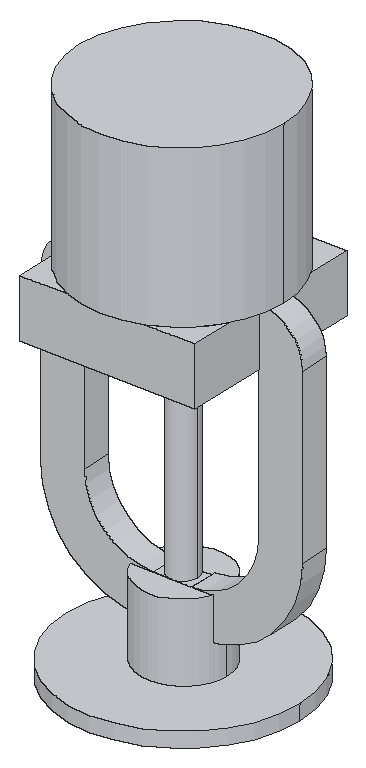
Revit family
Parameters (values of type "RASCO F1FR PENDENT")
  Temperature Rating = 155 °F
  Response = 1
  RASCO SIN # = "RA3613"
  RASCO Part # = "F1FRP17C"
  Pressure Rating = "175 PSI"
  Pressure Class = (empty or 0)
  Orifice Size = 7/16"
  Orifice = (empty or 0)
  Model = "F1FR"
  Manufacturer = "RASCO"
  K-Factor = 5.6
  Description = "Chrome Finish"
  Coverage = (empty or 0)
Reference planes (in)
  plane 1 "Center (Front/Back)": y = 0
  plane 2: z = 0
  plane 3 "Center (Left/Right)": x = 0
Dimensions and locks (in)
  aligned and locked: plane 2 to level
Nested families (in)
  nested 1: "F1FRP17C" at (-0.0113, 0, 2.4375) x (-1, 0, 0) z (0, 0, -1), type "RASCO F1FR PENDENT"
Connectors (in)
  piping at (-0.0113, 0, 2.4375)
    settings: on nested 1, index 1, connector radius 55/128", flow factor 0, pipe flow 0 GPM, pressure drop 0.00 psi, fitting loss kfactor 0, connector angle 0.00°, fixture units 0, flow configuration 0, flow direction 0, fitting loss method 0, system type 7, connector reference index -1, connector utility 0, adjustable connector no, is connector primary yes, fitting loss table "", connector description ""
Definition of nested family "F1FRP17C"
  Parameters (values of type "RASCO F1FR PENDENT")
    Type Comments = ""
    Temperature Rating = 0 °F
    Response = (empty or 0)
    Pressure Rating = "0"
    Pressure Class = (empty or 0)
    Orifice Size = 0"
    Orifice = (empty or 0)
    Model = ""
    Manufacturer = ""
    K-Factor = 0
    Description = ""
    Coverage = (empty or 0)
    Assembly Code = ""
  Reference planes (in)
    plane 1 "Center (Front/Back)": y = 0
    plane 2: z = 0
    plane 3 "ref.2": z = 0.6875
    plane 4 "ref.3": z = 0.9375
    plane 5: x = -0.38065
    plane 6: x = 0.36935
    plane 7 "ref. side 1": y = 0.06402
    plane 8 "ref. side 2": y = -0.06098
    plane 9 "ref.4": z = 1.875
    plane 10 "ref.5": z = 2.3125
    plane 11 "ref.6": z = 2.4375
  Forms (in)
    Extrusion 1, solid
      sketch origin (0, 0, 0) x (1, 0, 0) y (0, 1, 0)
        loop
          circle (0, 0) r 0.4379
      from 0 to 0.6875
    Extrusion 2, solid
      sketch origin (-0.12185, 0.05177, 0.6875) x (1, 0, 0) y (0, 1, 0)
        loop
          line (-0.2588, 0.356) -> (-0.2588, -0.4565) -> (0.4912, -0.4565) -> (0.4912, 0.356) -> (-0.2588, 0.356)
      from 0 to 0.25
    Extrusion 3, solid
      sketch origin (0, 0, 0) x (1, 0, 0) y (0, 0, 1)
        loop
          line (-0.38065, 0.68754) -> (-0.38065, 1.58397)
          arc (-0.38065, 1.58397) -> (-0.29541, 1.78976) -> (-0.08962, 1.875) r 0.29103
          line (-0.08962, 1.875) -> (0.07524, 1.875)
          arc (0.07524, 1.875) -> (0.28321, 1.78886) -> (0.36935, 1.58089) r 0.29411
          line (0.36935, 1.58089) -> (0.36935, 0.68751)
          arc (0.36935, 0.68751) -> (0.50207, 0.74393) -> (0.55685, 0.87734) r 0.18984
          line (0.55685, 0.87734) -> (0.55685, 1.61676)
          arc (0.55685, 1.61676) -> (0.42629, 1.93194) -> (0.11111, 2.0625) r 0.44574
          line (0.11111, 2.0625) -> (-0.12259, 2.0625)
          arc (-0.12259, 2.0625) -> (-0.43765, 1.932) -> (-0.56815, 1.61694) r 0.44556
          line (-0.56815, 1.61694) -> (-0.56815, 0.87876)
          arc (-0.56815, 0.87876) -> (-0.51345, 0.74486) -> (-0.38065, 0.68754) r 0.19126
      from -0.06402 to 0.06098
    Extrusion 4, solid
      sketch origin (0, 0, 0.9375) x (-1, 0, 0) y (0, -1, 0)
        loop
          circle (0.00574, -0.00152) r 0.0625
      from 0 to 0.9375
    Extrusion 5, solid
      sketch origin (0, 0, 1.875) x (-1, 0, 0) y (0, -1, 0)
        loop
          circle (0.00574, -0.00152) r 0.1875
      from 0 to 0.4375
    Extrusion 6, solid
      sketch origin (0, 0, 2.3125) x (0, -1, 0) y (1, 0, 0)
        loop
          circle (-0.00152, -0.00574) r 0.5
      from -0.10531 to -0.03987
  Cuts and joins
    joined: Extrusion 1, Extrusion 2, Extrusion 4
  Lines and regions (in)
    model lines
      curve 1: line (-0.00574, 0.06402, 1.875) -> (-0.00574, -0.06098, 1.875)
